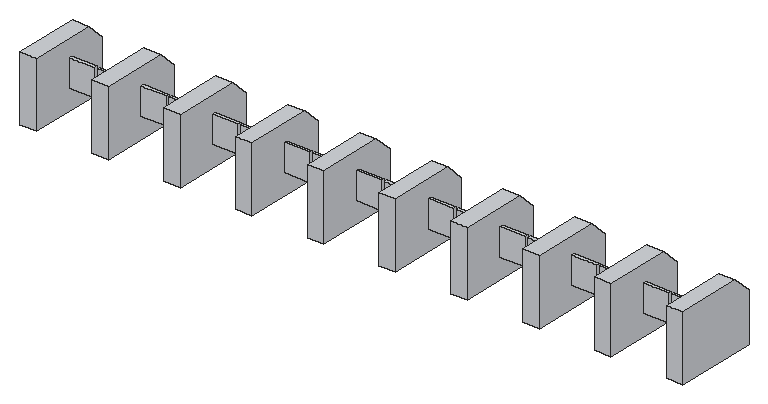
Revit family "TurnStile", category Generic Models, Revit 2026
Family settings
  Can host rebar = No
  Round Connector Dimension = Use Diameter
  Part Type = Normal
  Work Plane-Based = No
  Always vertical = Yes
  Cut with Voids When Loaded = No
  Maintain Annotation Orientation = No
  Shared = No
  Room Calculation Point = No
Parameters (values of type "SD")
  turnstile w [instance] = 1' - 0"  # constant formula
  num_array act [instance] = (L - edge offset * 2) / (module_desired) - 1  # 9
  module_desired [instance] = turnstile w + gap_desired  # 4' - 0"
  module_act [instance] = (L - edge offset * 2) / (num_array act)  # 4' - 4"
  gap_desired = 3' - 0"
  edge offset [instance] = turnstile w / 2  # 0' - 6"
  L [instance] = 40' - 0"
  Default Elevation = 0' - 0"
Reference planes (in)
  plane 1 "Center (Front/Back)": y = 0
  plane 2: z = 0
  plane 3 "Center (Left/Right)": x = 0
  plane 4: x = 480
  plane 5: x = 6
  plane 6: x = 422
  plane 7: x = 474
Dimensions and locks (in)
  "L": plane 3 "Center (Left/Right)" to plane 4
  "edge offset": plane 3 "Center (Left/Right)" to plane 5
  equal spacing: group 1, group 3, group 4, group 5, group 6, group 7, group 8, group 9, group 2  (x3)
  "module_act": plane 6 to plane 7
  "edge offset": plane 7 to plane 4
  aligned and locked: plane 2 to level
  aligned and locked: plane 1 "Center (Front/Back)" to nested 1
  aligned and locked: nested 2 to plane 6
  aligned and locked: plane 1 "Center (Front/Back)" to nested 2
  aligned and locked: plane 1 "Center (Front/Back)" to nested 4
  aligned and locked: plane 7 to nested 4
  aligned and locked: nested 1 to plane 5
Nested families (in)
  nested 1: "single turnstile" at (6, 0, 0), actual module <- "module_act", type "single turnstile"
    with show_door yes, gap 3' - 4", door swing 1' - 7", door from CL 2' - 1", actual module 4' - 4"
  nested 2: "single turnstile" at (422, 0, 0), actual module <- "module_act", type "single turnstile"
    with show_door yes, gap 3' - 4", door swing 1' - 7", door from CL 2' - 1", actual module 4' - 4"
  nested 3: "single turnstile" at (58, 0, 0), actual module <- "module_act", type "single turnstile"
    with show_door yes, gap 3' - 4", door swing 1' - 7", door from CL 2' - 1", actual module 4' - 4"
  nested 4: "single turnstile" at (474, 0, 0), type "single turnstile"
    with show_door no, gap 6' - 11.45669", door swing 3' - 4.72835", door from CL 3' - 10.72835", actual module 7' - 11.45669"
  nested 5: "single turnstile" at (110, 0, 0), actual module <- "module_act", type "single turnstile"
    with show_door yes, gap 3' - 4", door swing 1' - 7", door from CL 2' - 1", actual module 4' - 4"
  nested 6: "single turnstile" at (162, 0, 0), actual module <- "module_act", type "single turnstile"
    with show_door yes, gap 3' - 4", door swing 1' - 7", door from CL 2' - 1", actual module 4' - 4"
  nested 7: "single turnstile" at (214, 0, 0), actual module <- "module_act", type "single turnstile"
    with show_door yes, gap 3' - 4", door swing 1' - 7", door from CL 2' - 1", actual module 4' - 4"
  nested 8: "single turnstile" at (266, 0, 0), actual module <- "module_act", type "single turnstile"
    with show_door yes, gap 3' - 4", door swing 1' - 7", door from CL 2' - 1", actual module 4' - 4"
  nested 9: "single turnstile" at (318, 0, 0), actual module <- "module_act", type "single turnstile"
    with show_door yes, gap 3' - 4", door swing 1' - 7", door from CL 2' - 1", actual module 4' - 4"
  nested 10: "single turnstile" at (370, 0, 0), actual module <- "module_act", type "single turnstile"
    with show_door yes, gap 3' - 4", door swing 1' - 7", door from CL 2' - 1", actual module 4' - 4"
Definition of nested family "single turnstile"
  Parameters (values of type "single turnstile")
    show_door [instance] = yes
    machine W = 1' - 0"  # constant formula
    inner gap = machine W / 2  # 0' - 6"
    gap [instance] = actual module - machine W  # 3' - 0"
    door thickness = 0' - 2"  # constant formula
    door swing [instance] = door from CL - machine W / 2  # 1' - 5"
    door from CL [instance] = actual module / 2 - 0' 1"  # 1' - 11"
    actual module [instance] = 4' - 0"
    Default Elevation = 0' - 0"
  Reference planes (in)
    plane 1 "Center (Front/Back)": y = 0
    plane 2: z = 0
    plane 3 "Center (Left/Right)": x = 0
    plane 4: x = 48
  Forms (in)
    Extrusion 1, solid
      sketch origin (0, 0, 0) x (1, 0, 0) y (0, 1, 0)
        loop
          line (-6, 29.52756) -> (-6, -29.52756) -> (6, -29.52756) -> (6, 29.52756) -> (-6, 29.52756)
      from 0 to 47.24409
    Extrusion 2, solid, visible <- "show_door"
      sketch origin (0, 0, 0) x (1, 0, 0) y (0, 1, 0)
        loop
          line (6, 1) -> (6, -1) -> (23, -1) -> (23, 1) -> (6, 1)
        loop
          line (25, 1) -> (25, -1) -> (42, -1) -> (42, 1) -> (25, 1)
      from 15.74803 to 35.43307
    Extrusion 3, void
      sketch origin (0, 0, 0) x (0, 1, 0) y (0, 0, 1)
        loop
          line (9.08833, 55.8723) -> (29.52756, 35.43307) -> (43.734, 35.43307) -> (43.734, 55.8723) -> (9.08833, 55.8723)
      from -24.34047 to 9.84252
  Cuts and joins
    Extrusion 3 cuts Extrusion 1
  Lines and regions (in)
    symbolic lines, visible <- "show_door"
      curve 1: arc (23, 0, 0) -> (18.02082, -12.02082, 0) -> (6, -17, 0) r 17
      curve 2: arc (25, 0, 0) -> (29.97918, -12.02082, 0) -> (42, -17, 0) r 17
  Dimensions and locks (in)
    "door from CL": plane 3 "Center (Left/Right)" to Extrusion 2 sketch curve
    equal spacing: Extrusion 1 sketch curve, plane 3 "Center (Left/Right)", Extrusion 1 sketch curve
    "machine W": Extrusion 1 sketch curve to Extrusion 1 sketch curve
    "actual module": plane 3 "Center (Left/Right)" to plane 4
    "inner gap": plane 3 "Center (Left/Right)" to Extrusion 2 sketch curve
    equal spacing: Extrusion 2 sketch curve, plane 1 "Center (Front/Back)", Extrusion 2 sketch curve
    "door thickness": Extrusion 2 sketch curve to Extrusion 2 sketch curve
    "door from CL": Extrusion 2 sketch curve to plane 4
    "inner gap": Extrusion 2 sketch curve to plane 4
    "inner gap": plane 3 "Center (Left/Right)" to curve 1
    "inner gap": curve 2 to plane 4
    "door swing": radius of curve 2
    "door swing": radius of curve 1
    aligned and locked: plane 2 to level
    aligned and locked: Extrusion 2 sketch curve to Extrusion 2 sketch curve  (x2)
  Automatic sketch dimensions
    Extrusion 3 sketch curve to plane 1 "Center (Front/Back)" = 2' - 5.52756"
    Extrusion 3 sketch curve to Extrusion 3 sketch curve = 1' - 2.20644"
    Extrusion 3 sketch curve to plane 1 "Center (Front/Back)" = 0' - 9.08833"
    Extrusion 3 sketch curve to Extrusion 3 sketch curve = 1' - 8.43923"
    level to Extrusion 3 sketch curve = 2' - 11.43307"
    plane 1 "Center (Front/Back)" to curve 1 = 0' - 0"
    plane 1 "Center (Front/Back)" to curve 2 = 0' - 0"
    plane 1 "Center (Front/Back)" to Extrusion 1 sketch curve = 2' - 5.52756"
    Extrusion 1 sketch curve to plane 1 "Center (Front/Back)" = 2' - 5.52756"
